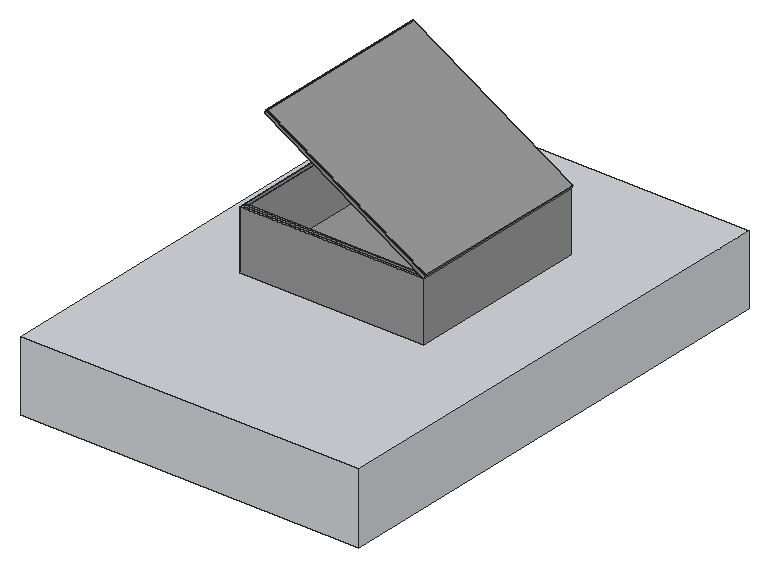
Revit family "Hager-Univers-IP55-D275-H800-Cl.I-Steel_encl-CH-it", category Equipement électrique, Revit 2020
Family settings
  Hôte = Face
  Configuration du panneau = Deux colonnes, circuits au sein
  Cote de connecteur circulaire = Utiliser le diamètre
  Type d'élément = Tableau de raccordement
  Couper avec des vides une fois chargée = Non
  Partagée = Non
  Point de calcul de pièce = Non
Parameters (values of type "A parete IP55 L800 A800 P275  - FR53E")
  Width Control [instance] = if([EF000008 - Larghezza] > Min Width, [EF000008 - Larghezza], Min Width)  # 800 mm
  Commentaires du type = [HG000003 - Gamma]  # "Univers"
  Thickness Door [instance] = if([EF009171 - spessore materiale porta/coperchio] > 3 mm, 3 mm, [EF009171 - spessore materiale porta/coperchio])  # 1.5 mm
  Seal Frame Offset [instance] = 17 mm  # constant formula
  Plinth Visibility [instance] = [HG000027 - Altezza dello zoccolo] > 0 mm  # no
  Model = ""
  Min Width [instance] = 100 mm  # constant formula
  Min Height [instance] = 100 mm  # constant formula
  Min Depth [instance] = (2 * [EF009170 - spessore materiale scatola]) + 1 mm  # 4 mm
  Internal Frame Depth [instance] = (Door System Depth * 0.5)  # 9 mm
  Height Control [instance] = if([EF000040 - Altezza] > Min Height, [EF000040 - Altezza], Min Height)  # 800 mm
  HG000027 - Altezza dello zoccolo = 0 mm
  HG000026 - A pavimento = no
  HG000024 - Altezza della sezione inferiore = 800 mm
  HG000023 - Custodia a doppia sezione = no
  HG000016 - Visibilità delle porte nella vista 3D [instance] = yes
  HG000015 - Visibilità attraverso la porta [instance] = no
  HG000014 - Porta destra [instance] = yes
  HG000013 - Porta sinistra [instance] = not([HG000014 - Porta destra])  # no
  HG000012 - Angolo di apertura della porta [instance] = 30.00°
  HG000010 - Porte asimmetriche = no
  HG000009 - Porta doppia a battente = no
  HG000006 - Ad incasso = no
  HG000004 - Codice produttore = "FR53E"
  HG000003 - Gamma = "Univers"
  HG000002 - Con porta = yes
  Frame Offset Bottom [instance] = 10 mm  # constant formula
  Frame Offset [instance] = 15 mm  # constant formula
  EF015940 - Coprire con rilascio di sovrapressione = no
  EF011959 - tipo di protezione (NEMA) = ""
  EF009554 - numero delle aperture per la piastra della flangia = 6
  Fabricant = "Hager"  # constant formula
  EF009212 - esecuzione coperchio = "EV000116 - chiuso"
  EF009171 - spessore materiale porta/coperchio = 1.5 mm
  EF009170 - spessore materiale scatola = 1.5 mm
  EF008873 - corrente nominale (In) = 800 A
  EF007800 - adatto per parafulmine = no
  EF006306 - con serratura = no
  EF006244 - coperchio/porta trasparente = no
  EF005474 - grado di protezione (IP) = "EV006420 - IP55"
  EF004464 - tipo di porta = "EV002646 - singolo"
  EF004427 - numero di moduli = 180
  EF004293 - resistenza agli urti = "EV008784 - IK10"
  EF003532 - adatto per uso esterno = no
  EF002950 - Numero moduli DIN = 24
  EF001613 - Integrità del circuito = "EV000494 - senza"
  EF001596 - Attacco Lampada = "EV000179 - acciaio"
  EF001131 - profondità interna = 275 mm
  EF001088 - possibilità di applicazione = yes
  EF000437 - numero di ingressi per conduttori = 6
  EF000339 - tipo di copertura = "EV004216 - porta"
  EF000266 - numero di file = 5
  EF000218 - profondità di incasso = 0 mm
  EF000118 - con piastra di montaggio = no
  EF000116 - numero RAL = "7035"
  EF000049 - profondità = 275 mm
  EF000040 - Altezza = 800 mm
  EF000008 - Larghezza = 800 mm
  EF000007 - colore = "EV000270 - grigio"
  EF000003 - Tipo di montaggio = "EV000384 - A parete"
  Door System Leaf Tolerance [instance] = 1.5 mm  # constant formula
  Door System Depth [instance] = 18 mm  # constant formula
  Door Height [instance] = Height Control - [HG000027 - Altezza dello zoccolo]  # 800 mm
  Depth Control [instance] = if([EF000049 - profondità] > Min Depth, [EF000049 - profondità], Min Depth)  # 275 mm
  Default Elevation = 0 mm
  Connector Offset [instance] = Height Control / 2  # 400 mm
  Bottom Top Plate Trim [instance] = 1.5 mm  # constant formula
  Plinth height Ctrl [instance] = if([HG000027 - Altezza dello zoccolo] > 0 mm, [HG000027 - Altezza dello zoccolo], 12 mm)  # 12 mm
Types (5, lengths in mm): name | Width Control | HG000010 - Porte asimmetriche | HG000009 - Porta doppia a battente | HG000004 - Codice produttore | EF009554 - numero delle aperture per la piastra della flangia | EF004464 - tipo di porta | EF004427 - numero di moduli | EF000437 - numero di ingressi per conduttori | EF000008 - Larghezza
  A parete IP55 L1050 A800 P275  - FR54E | 1050 | no | yes | "FR54E" | 8 | "EV003602 - doppio" | 240 | 8 | 1050
  A parete IP55 L1300 A800 P275  - FR55E | 1300 | yes | yes | "FR55E" | 10 | "EV003602 - doppio" | 300 | 10 | 1300
  A parete IP55 L300 A800 P275  - FR51E | 300 | no | no | "FR51E" | 2 | "EV002646 - singolo" | 60 | 2 | 300
  A parete IP55 L550 A800 P275  - FR52E | 550 | no | no | "FR52E" | 4 | "EV002646 - singolo" | 120 | 4 | 550
  A parete IP55 L800 A800 P275  - FR53E | 800 | no | no | "FR53E" | 6 | "EV002646 - singolo" | 180 | 6 | 800
Reference planes
  plane 1 "Center (Front/Back)": y = 0
  plane 2: z = 0
  plane 3 "Center (Left/Right)": x = 0
  plane 4: z = 275
  plane 5: y = 1.5
  plane 6: y = 400
  plane 7: y = 0
  plane 8: y = 800
  plane 9: z = 0
  plane 10: x = -385
  plane 11: x = 385
  plane 12: x = 383.5
  plane 13: x = -383.5
  plane 14: y = 798.5
  plane 15: x = -383
  plane 16: x = -400
  plane 17: x = 383
  plane 18: x = 400
  plane 19: x = 398.5
  plane 20: x = -398.5
  plane 21: y = 11.5
  plane 22: y = 800
  plane 23: y = 783.5
  plane 24: z = 257
  plane 25: z = 1.5
  plane 26: z = 255.5
  plane 27: z = 273.5
Forms (mm)
  Extrusion 1, solid
    sketch origin (0, 0, 0) x (1, 0, 0) y (0, 1, 0)
      loop
        line (-702.964, 1305) -> (-702.964, -811.445) -> (766.763, -811.445) -> (766.763, 1305) -> (-702.964, 1305)
    from 0 to -304.8
  Extrusion 2, solid, material "Hager_Steel_RAL7035_Light_Grey", visible <- "Plinth Visibility", detail levels medium+fine
    sketch origin (0, 0, 0) x (1, 0, 0) y (0, 1, 0)
      loop
        line (-400, 0) -> (400, 0) -> (400, 12) -> (-400, 12) -> (-400, 0)
    from 0 to 257
  Extrusion 3, solid, material "Hager_Steel_RAL7035_Light_Grey", detail levels medium+fine
    sketch origin (0, 0, 0) x (1, 0, 0) y (0, 1, 0)
      loop
        line (-400, 0) -> (400, 0) -> (400, 800) -> (-400, 800) -> (-400, 0)
    from 0 to 257
  Extrusion 4, void
    sketch origin (0, 0, 0) x (1, 0, 0) y (0, 1, 0)
      loop
        line (-398.5, 1.5) -> (398.5, 1.5) -> (398.5, 798.5) -> (-398.5, 798.5) -> (-398.5, 1.5)
    from 1.5 to 255.5
  Extrusion 5, void
    sketch origin (-381.607, -4572, 257) x (0, -1, 0) y (-1, 0, 0)
      loop
        line (-4583.5, 1.893) -> (-5355.5, 1.893) -> (-5355.5, -765.107) -> (-4583.5, -765.107) -> (-4583.5, 1.893)
    from 0 to 1.5 <- "EF009170 - spessore materiale scatola"
  Extrusion 6, solid, material "Hager_Steel_RAL7035_Light_Grey", detail levels fine
    sketch origin (0, 0, 257) x (1, 0, 0) y (0, 1, 0)
      loop
        line (-383.5, 783.5) -> (-383.5, 11.5) -> (383.5, 11.5) -> (383.5, 783.5) -> (-383.5, 783.5)
      loop
        line (-385, 10) -> (385, 10) -> (385, 785) -> (-385, 785) -> (-385, 10)
    from 0 to 9 <- "Internal Frame Depth"
  Extrusion 7, solid, material "Hager_Steel_RAL7035_Light_Grey", detail levels coarse
    sketch origin (0, 0, 0) x (1, 0, 0) y (0, 1, 0)
      loop
        line (-400, 0) -> (400, 0) -> (400, 800) -> (-400, 800) -> (-400, 0)
    from 0 to 275
  Sweep 8, void
    path in 3D
      loop
        line (-400, 12, 0) -> (400, 12, 0) -> (400, 12, 257) -> (-400, 12, 257) -> (-400, 12, 0)
    profile origin (-400, 12, 128.5) x (-1, 0, 0) y (0, -1, 0)
      loop
        line (0, 0) -> (0, 1.5) -> (-1.5, 1.5)
        arc (-1.5, 1.5) -> (-1.061, 0.439) -> (0, 0) r 1.5
Cuts and joins
  Extrusion 4, Extrusion 5 cuts Extrusion 3
  Sweep 8 cuts Extrusion 2
Lines and regions (mm)
  Masking region 1
    outline origin (0, 0, 0) x (1, 0, 0) y (0, 0, 1)
      loop
        line (-400, 275) -> (-400, 0) -> (400, 0) -> (400, 275) -> (-400, 275)
  Masking region 2, detail levels medium+fine
    outline origin (0, 140, 0) x (0, 1, 0) y (0, 0, 1)
      loop
        line (-140, 0) -> (660, 0) -> (660, 257) -> (-140, 257) -> (-140, 0)
  Masking region 3, not visible, detail levels medium+fine
    outline origin (0, 297.922, 0) x (0, 1, 0) y (0, 0, 1)
      loop
        line (113.578, 0) -> (153.578, 0) -> (153.578, 263.5)
        arc (153.578, 263.5) -> (150.649, 270.571) -> (143.578, 273.5) r 10
        line (143.578, 273.5) -> (113.578, 273.5) -> (113.578, 0)
  Masking region 4, detail levels coarse
    outline origin (0, 0, 180) x (0, 1, 0) y (0, 0, 1)
      loop
        line (0, -180) -> (800, -180) -> (800, 95) -> (0, 95) -> (0, -180)
  Masking region 5, visible <- "Plinth Visibility", detail levels medium+fine
    outline origin (0, 52.24, 12.345) x (0, 0, -1) y (0, 1, 0)
      loop
        line (10.845, -40.24) -> (-243.155, -40.24)
        arc (-243.155, -40.24) -> (-243.594, -41.301) -> (-244.655, -41.74) r 1.5
        line (-244.655, -41.74) -> (-244.655, -52.24) -> (12.345, -52.24) -> (12.345, -41.74)
        arc (12.345, -41.74) -> (11.285, -41.301) -> (10.845, -40.24) r 1.5
  Masking region 6, detail levels medium+fine
    outline origin (-381.607, -4572, 257) x (-1, 0, 0) y (0, -1, 0)
      loop
        line (18.393, -5372) -> (18.393, -4572) -> (-781.607, -4572) -> (-781.607, -5372) -> (18.393, -5372)
  Masking region 7, visible <- "Plinth Visibility", detail levels medium+fine
    outline origin (-381.607, -4727, 257) x (-1, 0, 0) y (0, -1, 0)
      loop
        arc (16.893, -4739) -> (17.332, -4737.939) -> (18.393, -4737.5) r 1.5
        line (18.393, -4737.5) -> (18.393, -4727) -> (-781.607, -4727) -> (-781.607, -4737.5)
        arc (-781.607, -4737.5) -> (-780.546, -4737.939) -> (-780.107, -4739) r 1.5
        line (-780.107, -4739) -> (16.893, -4739)
  Masking region 8, detail levels coarse
    outline origin (-442.548, -4669.526, 257) x (-1, 0, 0) y (0, -1, 0)
      loop
        line (-42.548, -5469.526) -> (-42.548, -4669.526) -> (-842.548, -4669.526) -> (-842.548, -5469.526) -> (-42.548, -5469.526)
  sketch lines
    curve 1: line (-400, 12, 257) -> (-400, 12, 0)
    curve 2: line (400, 12, 257) -> (-400, 12, 257)
    curve 3: line (400, 12, 257) -> (400, 12, 0)
    curve 4: line (-400, 12, 0) -> (400, 12, 0)
Dimensions and locks
  "Depth Control": plane 4 to Extrusion 1
  "HG000027 - Altezza dello zoccolo": plane 1 "Center (Front/Back)" to plane 7
  "EF009170 - spessore materiale scatola": plane 5 to plane 7
  locked: connector elem to plane 3 "Center (Left/Right)"
  equal spacing: plane 8, plane 6, plane 7
  locked: connector elem to plane 6
  "EF009170 - spessore materiale scatola": plane 8 to plane 14
  "EF009170 - spessore materiale scatola": plane 10 to plane 13
  "EF009170 - spessore materiale scatola": plane 12 to plane 11
  "Frame Offset": plane 20 to plane 13
  "Frame Offset": plane 12 to plane 19
  "EF009170 - spessore materiale scatola": plane 16 to plane 20
  "EF009170 - spessore materiale scatola": plane 19 to plane 18
  "Seal Frame Offset": plane 16 to plane 15
  "Seal Frame Offset": plane 17 to plane 18
  "Frame Offset Bottom": plane 21 to plane 5
  "Frame Offset": plane 14 to plane 23
  equal spacing: plane 16, plane 3 "Center (Left/Right)", plane 18
  "Width Control": plane 16 to plane 18
  "EF009170 - spessore materiale scatola": plane 4 to plane 27
  "EF009170 - spessore materiale scatola": plane 24 to plane 26
  "EF009170 - spessore materiale scatola": plane 25 to level
  "Door System Depth": plane 4 to plane 24
  "Height Control": plane 1 "Center (Front/Back)" to Extrusion 7 sketch curve
  "Height Control": Masking region 4 sketch curve to plane 1 "Center (Front/Back)"
  "Height Control": plane 1 "Center (Front/Back)" to plane 22
  "Bottom Top Plate Trim": profile plane to Sweep 8 sketch curve
  "Bottom Top Plate Trim": Sweep 8 sketch curve to profile plane
  "Plinth height Ctrl": plane 1 "Center (Front/Back)" to Extrusion 2 sketch curve
  "Plinth height Ctrl": Masking region 5 sketch curve to plane 1 "Center (Front/Back)"
  "Plinth height Ctrl": plane 1 "Center (Front/Back)" to Masking region 7 sketch curve
  "Thickness Door": Extrusion 6 sketch curve to Extrusion 6 sketch curve  (x3)
  "Thickness Door": cut or joined group of Extrusion 3, Extrusion 4, Extrusion 5 to Extrusion 6 sketch curve
  radius of Masking region 3 sketch curve = 10 mm
  "Bottom Top Plate Trim": radius of Masking region 5 sketch curve  (x2)
  "Bottom Top Plate Trim": radius of Sweep 8 sketch curve
  "Bottom Top Plate Trim": radius of Masking region 7 sketch curve  (x2)
  aligned and locked: plane 2 to Extrusion 1
  aligned and locked: level to Extrusion 1
  aligned and locked: level to Masking region 1 sketch curve
  aligned and locked: Masking region 1 sketch curve to plane 18
  aligned and locked: Masking region 1 sketch curve to plane 16
  aligned and locked: plane 7 to Masking region 2 sketch curve
  aligned and locked: level to Masking region 3 sketch curve
  aligned and locked: Masking region 3 sketch curve to plane 27
  aligned and locked: level to Masking region 2 sketch curve
  aligned and locked: plane 1 "Center (Front/Back)" to Extrusion 2 sketch curve
  aligned and locked: Extrusion 3 sketch curve to plane 7
  aligned and locked: plane 16 to Extrusion 3 sketch curve
  aligned and locked: plane 18 to Extrusion 3 sketch curve
  aligned and locked: plane 20 to Extrusion 4 sketch curve
  aligned and locked: plane 19 to Extrusion 4 sketch curve
  aligned and locked: Extrusion 4 sketch curve to plane 5
  aligned and locked: Extrusion 4 to plane 25
  aligned and locked: plane 26 to Extrusion 4
  aligned and locked: plane 24 to Extrusion 3
  aligned and locked: Extrusion 5 sketch curve to plane 21
  aligned and locked: Extrusion 5 sketch curve to plane 13
  aligned and locked: Extrusion 5 sketch curve to plane 12
  aligned and locked: plane 18 to Extrusion 7 sketch curve
  aligned and locked: plane 1 "Center (Front/Back)" to Extrusion 7 sketch curve
  aligned and locked: plane 16 to Extrusion 7 sketch curve
  aligned and locked: plane 4 to Extrusion 7
  aligned and locked: Extrusion 7 to level
  aligned and locked: level to Masking region 4 sketch curve
  aligned and locked: Masking region 4 sketch curve to plane 1 "Center (Front/Back)"
  aligned and locked: Masking region 4 sketch curve to plane 4
  aligned and locked: nested 1 to level
  aligned and locked: nested 1 to plane 16
  aligned and locked: plane 8 to Extrusion 3 sketch curve
  aligned and locked: plane 23 to Extrusion 5 sketch curve
  aligned and locked: plane 14 to Extrusion 4 sketch curve
  aligned and locked: Masking region 2 sketch curve to plane 8
  aligned and locked: level to Masking region 5 sketch curve
  aligned and locked: plane 16 to Extrusion 2 sketch curve
  aligned and locked: plane 18 to Extrusion 2 sketch curve
  aligned and locked: Masking region 5 sketch curve to plane 24
  aligned and locked: Masking region 2 sketch curve to plane 24
  aligned and locked: plane 24 to Extrusion 2
  aligned and locked: profile plane to Sweep 8 sketch curve  (x2)
  aligned and locked: Masking region 6 sketch curve to plane 18
  aligned and locked: Masking region 6 sketch curve to plane 22
  aligned and locked: Masking region 6 sketch curve to plane 16
  aligned and locked: plane 8 to plane 22
  aligned and locked: Masking region 6 sketch curve to plane 7
  aligned and locked: Masking region 7 sketch curve to plane 16
  aligned and locked: Masking region 7 sketch curve to plane 1 "Center (Front/Back)"
  aligned and locked: Masking region 7 sketch curve to plane 18
  aligned and locked: Masking region 8 sketch curve to plane 1 "Center (Front/Back)"
  aligned and locked: Masking region 8 sketch curve to plane 18
  aligned and locked: Masking region 8 sketch curve to plane 22
  aligned and locked: Masking region 8 sketch curve to plane 16
  aligned and locked: nested 2 to plane 7
  aligned and locked: plane 3 "Center (Left/Right)" to nested 2
  aligned and locked: nested 2 to plane 24
  aligned and locked: Extrusion 6 sketch curve to cut or joined group of Extrusion 3, Extrusion 4, Extrusion 5  (x4)
Automatic sketch dimensions
  Extrusion 1 sketch curve to Extrusion 1 sketch curve = 1469.727 mm
  Extrusion 1 sketch curve to Extrusion 1 sketch curve = 2116.445 mm
  Masking region 1 sketch curve to plane 4 = 0 mm
  plane 6 to Masking region 3 sketch curve = 11.5 mm
  Masking region 3 sketch curve to Masking region 3 sketch curve = 30 mm
  Masking region 5 sketch curve to plane 1 "Center (Front/Back)" = 0 mm
Nested families
  nested 1: "Hager_Enclosure_Symbol" at (-400, 0, 0) x (1, 0, 0) z (0, -1, 0), Height <- "Depth Control", Width <- "Width Control", type "Hager_Enclosure_Symbol"
    with Width_Ctrl 800 mm, Width 800 mm, Height_Ctrl 275 mm, Height 275 mm, A_Width_Int 18.047 mm, A_Width 216.562 mm, A_Height_Ctrl 240.625 mm, A_Height 240.625 mm
  nested 2: "EC000058_Univers_Door" at (0, 0, 257) x (1, 0, 0) z (0, 1, 0), Leaf_Tolerance <- "Door System Leaf Tolerance", Angle <- "HG000012 - Angolo di apertura della porta", Door_Depth <- "Door System Depth", Door_Left <- "HG000013 - Porta sinistra", Transparent <- "EF006244 - coperchio/porta trasparente", Assymetrical <- "HG000010 - Porte asimmetriche", Width <- "Width Control", Clearance <- "HG000015 - Visibilità attraverso la porta", Double <- "HG000009 - Porta doppia a battente", 3d_Door <- "HG000016 - Visibilità delle porte nella vista 3D", Lock_Visibility <- "EF006306 - con serratura", Width_Ctrl <- "Width Control", Door_Right <- "HG000014 - Porta destra", Door <- "HG000002 - Con porta", Height <- "Door Height", Thickness <- "Thickness Door", type "EC000058_Univers_Door", detail levels medium+fine
    with min_wh 4 mm, Width_Ctrl 800 mm, Width 800 mm, Transparent no, Thickness 1.5 mm, Seal_Material Hager_Rubber, Lock_Visibility no, Lock_Material Hager_Plastic_RAL9005_Jet_Black, Leaf_Width 800 mm, Leaf_Tolerance_External_Sides 0 mm, Leaf_Tolerance 1.5 mm, Leaf_Offset 0 mm, Leaf_Height 797 mm, Leaf_2_Width 800 mm, Leaf_2_Offset 400 mm, Leaf_1_Width 800 mm, Leaf_1_Offset 400 mm, Height_Ctrl 800 mm, Height 800 mm, Glass_Material Hager_Glass, Double_Clearance_Ctrl no, Double no, Door_Right_Ctrl yes, Door_Right yes, Door_Material Hager_Steel_RAL7035_Light_Grey, Door_Left_Ctrl no, Door_Left no, Door_Depth 18 mm, Door yes, Clearance_Material Hager_Clearance, Clearance_Depth 800 mm, Clearance_Ctrl no, Clearance no, Assymetrical no, Angle 30.00°, 3d_Door yes
Connectors
  electrical at (0, 400, 0)
    settings: on plane 9, index 1, voltage 0 V, apparent load 0 VA, apparent load phase1 0 VA, apparent load phase2 0 VA, apparent load phase3 0 VA, power factor 1, load classification "Other", number of poles 1, system type 30, power factor state 1, is connector primary yes, connector utility no, sub classification motor no, connector description ""
Definition of nested family "EC000058_Univers_Door"
  Parameters (values of type "EC000058_Univers_Door")
    min_wh [instance] = (2 * Thickness) + 1 mm  # 11 mm
    Width_Ctrl [instance] = 400 mm
    Width [instance] = 500 mm
    Transparent [instance] = yes
    Thickness [instance] = 5 mm
    Seal_Material [instance] = none
    Lock_Visibility [instance] = yes
    Lock_Material [instance] = none
    Leaf_Width [instance] = if((Width_Ctrl - 2 * Leaf_Tolerance_External_Sides) > 0 mm, (Width_Ctrl - 2 * Leaf_Tolerance_External_Sides), min_wh)  # 400 mm
    Leaf_Tolerance_External_Sides [instance] = 0 mm  # constant formula
    Leaf_Tolerance [instance] = 1.5 mm
    Leaf_Offset [instance] = 0 mm  # constant formula
    Leaf_Height [instance] = if((Height_Ctrl - 2 * Leaf_Tolerance) > 0 mm, (Height_Ctrl - 2 * Leaf_Tolerance), min_wh)  # 497 mm
    Leaf_2_Width [instance] = if(and(and(Double, Assymetrical), Door_Left), (Leaf_Width / 3) - (Leaf_Tolerance / 2), if(and(and(Double, Assymetrical), Door_Right), (Leaf_Width / 3) * 2 - (Leaf_Tolerance / 2), if(and(Double, not(Assymetrical)), (Leaf_Width / 2) - Leaf_Tolerance, Leaf_Width)))  # 400 mm
    Leaf_2_Offset [instance] = if(and(Double, Assymetrical), Leaf_2_Width / 2, if(and(Double, not(Assymetrical)), Leaf_Width / 4, Leaf_Width / 2))  # 200 mm
    Leaf_1_Width [instance] = if(and(and(Double, Assymetrical), Door_Right), (Leaf_Width / 3) - (Leaf_Tolerance / 2), if(and(and(Double, Assymetrical), Door_Left), (Width / 3) * 2 - (Leaf_Tolerance / 2), if(and(Double, not(Assymetrical)), (Leaf_Width / 2) - Leaf_Tolerance, Leaf_Width)))  # 400 mm
    Leaf_1_Offset [instance] = if(and(Double, Assymetrical), Leaf_1_Width / 2, if(and(Double, not(Assymetrical)), Leaf_Width / 4, Leaf_Width / 2))  # 200 mm
    Height_Ctrl [instance] = if(Height > min_wh, Height, min_wh)  # 500 mm
    Height [instance] = 500 mm
    Glass_Material [instance] = none
    Double_Clearance_Ctrl [instance] = and(Double, Clearance)  # no
    Double [instance] = no
    Door_Right_Ctrl [instance] = and(or(Door_Right, Double), Door)  # yes
    Door_Right [instance] = yes
    Door_Material [instance] = none
    Door_Left_Ctrl [instance] = and(or(Door_Left, Double), Door)  # no
    Door_Left [instance] = no
    Door_Depth [instance] = 30 mm
    Door [instance] = yes
    Default Elevation = 1219.2 mm
    Clearance_Material [instance] = none
    Clearance_Depth [instance] = if(Leaf_1_Width > Leaf_2_Width, Leaf_1_Width, Leaf_2_Width)  # 400 mm
    Clearance_Ctrl [instance] = and(not(Double), Clearance)  # yes
    Clearance [instance] = yes
    Assymetrical [instance] = yes
    Angle [instance] = 30.00°
    3d_Door [instance] = yes
  Reference planes
    plane 1 "Center (Front/Back)": y = 0
    plane 2 "Bottom": z = 0
    plane 3 "Center (Left/Right)": x = 0
    plane 4: z = 500
    plane 5: x = -200
    plane 6: x = 200
    plane 7: z = 500
    plane 8: x = -200
    plane 9: z = 0
    plane 10: x = 200
    plane 11: y = 0
    plane 12: z = 1.5
    plane 13: x = -600
    plane 14: y = -400
    plane 15: x = 600
    plane 16: x = 0
    plane 17: x = 0
    plane 18: x = -200
    plane 19: x = 200
    plane 20: z = 498.5
  Forms (mm)
    Extrusion 1, solid, material <- "Clearance_Material", visible <- "Double_Clearance_Ctrl"
      sketch origin (1200, 0, 0) x (1, 0, 0) y (0, 0, -1)
        loop
          line (-1800, -498.5) -> (-600, -498.5) -> (-600, 0) -> (-1800, 0) -> (-1800, -498.5)
      from 0 to -400
  Dimensions and locks
    equal spacing: plane 5, plane 3 "Center (Left/Right)", plane 6
    "Width_Ctrl": plane 5 to plane 6
    "Leaf_Offset": plane 5 to plane 8
    "Leaf_Offset": plane 6 to plane 10
    "Leaf_Offset": plane 9 to level
    "Leaf_Offset": plane 4 to plane 7
    "Height_Ctrl": plane 4 to level
    "Leaf_Tolerance": plane 12 to plane 9
    locked: plane 11 to plane 1 "Center (Front/Back)"
    "Leaf_1_Offset": plane 18 to plane 16
    "Leaf_2_Offset": plane 17 to plane 19
    "Leaf_1_Width": plane 13 to plane 8
    "Leaf_2_Width": plane 10 to plane 15
    "Clearance_Depth": plane 14 to plane 1 "Center (Front/Back)"
    "Leaf_Tolerance_External_Sides": plane 8 to plane 18
    "Leaf_Tolerance_External_Sides": plane 19 to plane 10
    "Leaf_Tolerance": plane 7 to plane 20
    aligned and locked: level to plane 2 "Bottom"
    aligned and locked: nested 1 to plane 16
    aligned and locked: nested 2 to plane 17
    aligned and locked: Extrusion 1 to plane 13
    aligned and locked: plane 15 to Extrusion 1
    aligned and locked: Extrusion 1 to plane 14
    aligned and locked: plane 12 to nested 1
    aligned and locked: nested 2 to plane 12
    aligned and locked: Extrusion 1 to plane 11
    aligned and locked: plane 20 to Extrusion 1
    aligned and locked: nested 2 to plane 11
    aligned and locked: nested 1 to plane 11
  Automatic sketch dimensions
    Extrusion 1 sketch curve to level = 0 mm
    plane 5 to Extrusion 1 sketch curve = 400 mm
    plane 6 to Extrusion 1 sketch curve = 400 mm
    Extrusion 1 sketch curve to plane 4 = 1.5 mm
  Nested families
    nested 1: "EC000058_Univers_Door_Leaf" at (0, 0, 1.5), Width <- "Leaf_1_Width", visible <- "Door_Left_Ctrl", Leaf_Height <- "Leaf_Height", Angle <- "Angle", 3d_Door <- "3d_Door", Transparent <- "Transparent", Clearance Material <- "Clearance_Material", Clearance <- "Clearance_Ctrl", Door_Material <- "Door_Material", Glass_Material <- "Glass_Material", Door_Depth <- "Door_Depth", Lock_Material <- "Lock_Material", Seal_Material <- "Seal_Material", Lock_Visibility <- "Lock_Visibility", Thickness <- "Thickness", type "EC000058_Univers_Door_Leaf"
      with Width 400 mm, Transparent_Glass_Offset 30 mm, Transparent_Ctrl yes, Transparent yes, Thickness 5 mm, Standard no, Seal_Material none, Seal_D2 8 mm, Seal_D1 1 mm, Offset_Internal_Frame 10 mm, Lock_Width 20 mm, Lock_Visibility_3d yes, Lock_Visibility yes, Lock_Thickness_3 3 mm, Lock_Thickness_2 1 mm, Lock_Thickness_1 3 mm, Lock_Radius_Offset_2 16 mm, Lock_Radius_Offset_1 15 mm, Lock_Radius_2 5 mm, Lock_Radius 6 mm, Lock_Offset 5 mm, Lock_Material none, Lock_Height 80 mm, Lock_Cover_Top_Offset_2d 17 mm, Lock_Cover_Height -65 mm, Leaf_Height 497 mm, Internal_Seal_Thickness 8 mm, Internal_Seal_Depth_2 4.5 mm, Internal_Frame_Depth 25 mm, Glass_Thickness -1 mm, Glass_Offset -2 mm, Glass_Material none, Door_Material none, Door_Depth 30 mm, Clearance Material none, Clearance yes, Angle_Ctrl 30.00°, Angle 30.00°, 3d_Door yes
    nested 2: "EC000058_Univers_Door_Leaf" at (0, 0, 1.5) x (-1, 0, 0) z (0, 0, 1), Width <- "Leaf_2_Width", visible <- "Door_Right_Ctrl", Leaf_Height <- "Leaf_Height", Angle <- "Angle", 3d_Door <- "3d_Door", Transparent <- "Transparent", Clearance Material <- "Clearance_Material", Clearance <- "Clearance_Ctrl", Door_Material <- "Door_Material", Glass_Material <- "Glass_Material", Door_Depth <- "Door_Depth", Lock_Material <- "Lock_Material", Seal_Material <- "Seal_Material", Lock_Visibility <- "Lock_Visibility", Thickness <- "Thickness", type "EC000058_Univers_Door_Leaf"
      with Width 400 mm, Transparent_Glass_Offset 30 mm, Transparent_Ctrl yes, Transparent yes, Thickness 5 mm, Standard no, Seal_Material none, Seal_D2 8 mm, Seal_D1 1 mm, Offset_Internal_Frame 10 mm, Lock_Width 20 mm, Lock_Visibility_3d yes, Lock_Visibility yes, Lock_Thickness_3 3 mm, Lock_Thickness_2 1 mm, Lock_Thickness_1 3 mm, Lock_Radius_Offset_2 16 mm, Lock_Radius_Offset_1 15 mm, Lock_Radius_2 5 mm, Lock_Radius 6 mm, Lock_Offset 5 mm, Lock_Material none, Lock_Height 80 mm, Lock_Cover_Top_Offset_2d 17 mm, Lock_Cover_Height -65 mm, Leaf_Height 497 mm, Internal_Seal_Thickness 8 mm, Internal_Seal_Depth_2 4.5 mm, Internal_Frame_Depth 25 mm, Glass_Thickness -1 mm, Glass_Offset -2 mm, Glass_Material none, Door_Material none, Door_Depth 30 mm, Clearance Material none, Clearance yes, Angle_Ctrl 30.00°, Angle 30.00°, 3d_Door yes
  Definition of nested family "EC000058_Univers_Door_Leaf"
    Parameters (values of type "EC000058_Univers_Door_Leaf")
      Width [instance] = 2000 mm
      Transparent_Glass_Offset [instance] = 30 mm
      Transparent_Ctrl [instance] = and(Transparent, [3d_Door])  # yes
      Transparent [instance] = yes
      Thickness [instance] = 5 mm
      Standard [instance] = and(not(Transparent), [3d_Door])  # no
      Seal_Material [instance] = none
      Seal_D2 [instance] = 8 mm  # constant formula
      Seal_D1 [instance] = 1 mm  # constant formula
      Offset_Internal_Frame [instance] = 10 mm  # constant formula
      Lock_Width [instance] = 20 mm  # constant formula
      Lock_Visibility_3d [instance] = and(Lock_Visibility, [3d_Door])  # yes
      Lock_Visibility [instance] = yes
      Lock_Thickness_3 [instance] = 3 mm  # constant formula
      Lock_Thickness_2 [instance] = 1 mm  # constant formula
      Lock_Thickness_1 [instance] = 3 mm  # constant formula
      Lock_Radius_Offset_2 [instance] = Lock_Radius_Offset_1 + 1 mm  # 16 mm
      Lock_Radius_Offset_1 [instance] = 15 mm  # constant formula
      Lock_Radius_2 [instance] = Lock_Radius - 1 mm  # 5 mm
      Lock_Radius [instance] = 6 mm  # constant formula
      Lock_Offset [instance] = 5 mm  # constant formula
      Lock_Material [instance] = none
      Lock_Height [instance] = 80 mm  # constant formula
      Lock_Cover_Top_Offset_2d [instance] = Lock_Radius_Offset_2 + 1 mm  # 17 mm
      Lock_Cover_Height [instance] = -(Lock_Height - Lock_Radius_Offset_1)  # -65 mm
      Leaf_Height [instance] = 2720.336 mm
      Internal_Seal_Thickness [instance] = 8 mm  # constant formula
      Internal_Seal_Depth_2 [instance] = 4.5 mm  # constant formula
      Internal_Frame_Depth [instance] = if(Door_Depth - Thickness > 5 mm, Door_Depth - Thickness, 5 mm)  # 25 mm
      Glass_Thickness [instance] = if(Thickness > 15 mm, Glass_Offset + 10 mm, -1 mm)  # -1 mm
      Glass_Offset [instance] = if(Thickness > 15 mm, -(Thickness + 10 mm) / 2, -2 mm)  # -2 mm
      Glass_Material [instance] = none
      Door_Material [instance] = none
      Door_Depth [instance] = 30 mm
      Default Elevation = 0 mm
      Clearance Material [instance] = none
      Clearance [instance] = yes
      Angle_Ctrl [instance] = if(Angle > 180.00°, 180.00°, Angle)  # 90.00°
      Angle [instance] = 90.00°
      3d_Door [instance] = yes
    Reference planes
      plane 1 "Center (Front/Back)": y = 0
      plane 2: z = 0
      plane 3 "Center (Left/Right)": x = 0
      plane 4: y = 2000
      plane 5: x = -1000
      plane 6: x = 1000
      plane 7: x = -3000
      plane 8: z = 2720.336
      plane 9: z = 30
      plane 10: z = 2690.336
      plane 11: x = 970
      plane 12: x = -970
      plane 13: y = -3
      plane 14: z = 107.833
      plane 15: y = -5
      plane 16: y = -223.314
      plane 17: x = -1000
      plane 18: z = 1360.168
      plane 19: y = 30
    Forms (mm)
      Extrusion 1, solid, material <- "Clearance Material", visible <- "Clearance"
        sketch origin (0, 0, 0) x (1, 0, 0) y (0, 0, 1)
          loop
            line (-3000, 2720.336) -> (-3000, 0) -> (1000, 0) -> (1000, 2720.336) -> (-3000, 2720.336)
        from 0 to -2000
      Extrusion 2, solid, material <- "Door_Material", visible <- "Standard", detail levels medium+fine
        sketch origin (-1000, 0, 0) x (0, 1, 0) y (-1, 0, 0)
          loop
            line (0, 30) -> (0, 25) -> (2000, 25) -> (2000, 30) -> (0, 30)
        from 0 to 2720.336 <- "Leaf_Height"
      Extrusion 3, solid, material <- "Door_Material", visible <- "Transparent_Ctrl", detail levels medium+fine
        sketch origin (-1000, 0, 0) x (0, 1, 0) y (-1, 0, 0)
          loop
            line (0, 25) -> (2000, 25) -> (2000, 30) -> (0, 30) -> (0, 25)
        from 0 to 2720.336 <- "Leaf_Height"
      Extrusion 4, void
        sketch origin (-1025, 2000, 0) x (0, 1, 0) y (0, 0, -1)
          loop
            line (-30, -2690.336) -> (-30, -30) -> (-1970, -30) -> (-1970, -2690.336) -> (-30, -2690.336)
        from 0 to 5 <- "Thickness"
      Sweep 5, solid, material <- "Seal_Material", visible <- "Transparent_Ctrl", detail levels fine
        path in 3D
          loop
            line (-1025, 30, 30) -> (-1025, 30, 2690.336) -> (-1025, 1970, 2690.336) -> (-1025, 1970, 30) -> (-1025, 30, 30)
        profile origin (-1025, 1000, 30) x (1, 0, 0) y (0, 0, 1)
          loop
            line (0, 0) -> (0, -8) -> (1, -8) -> (1, 0) -> (0, 0)
      Extrusion 6, solid, material <- "Glass_Material", visible <- "Transparent_Ctrl", detail levels medium+fine
        sketch origin (-1030, 0, 0) x (0, 1, 0) y (0, 0, -1)
          loop
            line (1970, -2690.336) -> (1970, -30) -> (30, -30) -> (30, -2690.336) -> (1970, -2690.336)
        from -2 <- "Glass_Offset" to -1 <- "Glass_Thickness"
      Extrusion 7, solid, material <- "Door_Material", visible <- "3d_Door", detail levels medium+fine
        sketch origin (-1025, 2000, 0) x (0, -1, 0) y (0, 0, -1)
          loop
            line (0, -2720.336) -> (2000, -2720.336) -> (2000, 0) -> (0, 0) -> (0, -2720.336)
          loop
            line (1995, -5) -> (5, -5) -> (5, -2715.336) -> (1995, -2715.336) -> (1995, -5)
        from 0 to 25 <- "Internal_Frame_Depth"
      Sweep 8, solid, material <- "Seal_Material", visible <- "Transparent_Ctrl", detail levels fine
        path in 3D
          loop
            line (-1025, 0, 0) -> (-1025, 2000, 0) -> (-1025, 2000, 2720.336) -> (-1025, 0, 2720.336) -> (-1025, 0, 0)
        profile origin (-1025, 0, 1360.168) x (1, 0, 0) y (0, 1, 0)
          loop
            line (0, 10) -> (2.975, 10)
            arc (2.975, 10) -> (4.053, 10.447) -> (4.5, 11.525) r 1.525
            line (4.5, 11.525) -> (4.5, 16.527)
            arc (4.5, 16.527) -> (4.069, 17.569) -> (3.027, 18) r 1.473
            line (3.027, 18) -> (0, 18) -> (0, 10)
      Extrusion 9, solid, material <- "Lock_Material", visible <- "Lock_Visibility_3d", detail levels fine
        sketch origin (-1030, 0, 0) x (0, 1, 0) y (0, 0, -1)
          loop
            arc (1993.5, -1400.168) -> (1994.561, -1399.729) -> (1995, -1398.668) r 1.5
            line (1995, -1398.668) -> (1995, -1320.168) -> (1975, -1320.168) -> (1975, -1398.668)
            arc (1975, -1398.668) -> (1975.439, -1399.729) -> (1976.5, -1400.168) r 1.5
            line (1976.5, -1400.168) -> (1993.5, -1400.168)
        from 3 <- "Lock_Thickness_1" to 0
      Blend 10, solid, material <- "Lock_Material", visible <- "Lock_Visibility_3d", detail levels fine
        base sketch origin (-1033, 0, 0) x (0, 1, 0) y (0, 0, -1)
          loop
            line (1975, -1320.168) -> (1975, -1398.668)
            arc (1975, -1398.668) -> (1975.439, -1399.729) -> (1976.5, -1400.168) r 1.5
            line (1976.5, -1400.168) -> (1993.5, -1400.168)
            arc (1993.5, -1400.168) -> (1994.561, -1399.729) -> (1995, -1398.668) r 1.5
            line (1995, -1398.668) -> (1995, -1320.168) -> (1975, -1320.168)
        top sketch origin (-1033, 0, 0) x (0, 1, 0) y (0, 0, -1)
          loop
            line (1976, -1320.168) -> (1976, -1398.668)
            arc (1976, -1398.668) -> (1976.146, -1399.022) -> (1976.5, -1399.168) r 0.5
            line (1976.5, -1399.168) -> (1993.5, -1399.168)
            arc (1993.5, -1399.168) -> (1993.854, -1399.022) -> (1994, -1398.668) r 0.5
            line (1994, -1398.668) -> (1994, -1320.168) -> (1976, -1320.168)
        from 0 to 1 <- "Lock_Thickness_2"
      Blend 11, solid, material <- "Lock_Material", visible <- "Lock_Visibility_3d", detail levels fine
        base sketch origin (-1034, 0, 0) x (0, 1, 0) y (0, 0, -1)
          loop
            line (1978, -1320.168) -> (1978, -1384.168)
            arc (1978, -1384.168) -> (1985, -1391.168) -> (1992, -1384.168) r 7
            line (1992, -1384.168) -> (1992, -1320.168) -> (1978, -1320.168)
        top sketch origin (-1034, 0, 0) x (0, 1, 0) y (0, 0, -1)
          loop
            line (1991, -1320.168) -> (1979, -1320.168) -> (1979, -1383.168)
            arc (1979, -1383.168) -> (1985, -1389.168) -> (1991, -1383.168) r 6
            line (1991, -1383.168) -> (1991, -1320.168)
        from 0 to 3 <- "Lock_Thickness_3"
      Extrusion 12, solid, material <- "Lock_Material", visible <- "Lock_Visibility_3d", detail levels fine
        sketch origin (-1030, 1975, 1320.168) x (1, 0, 0) y (0, -1, 0)
          loop
            line (-7, -19) -> (-7, -1) -> (0, -1) -> (0, 0) -> (-8, 0) -> (-8, -20) -> (0, -20) -> (0, -19) -> (-7, -19)
        from 0 to -65 <- "Lock_Cover_Height"
      Extrusion 13, void
        sketch origin (-1038, 1995, 1320.168) x (-1, 0, 0) y (0, 0, -1)
          loop
            line (-5, -65) -> (0, -65) -> (-5, -60) -> (-5, -65)
        from 0 to 20 <- "Lock_Width"
      Extrusion 14, void
        sketch origin (-1038, 1975, 1320.168) x (0, -1, 0) y (0, 0, -1)
          loop
            circle (-10, -15.995) r 6
          loop
            circle (-10, -15.995) r 5
        from 0 to 2
      Extrusion 15, solid, material <- "Lock_Material", visible <- "Lock_Visibility_3d", detail levels medium
        sketch origin (-1030, 0, 0) x (0, 1, 0) y (0, 0, -1)
          loop
            arc (1993.5, -1400.168) -> (1994.561, -1399.729) -> (1995, -1398.668) r 1.5
            line (1995, -1398.668) -> (1995, -1320.168) -> (1975, -1320.168) -> (1975, -1398.668)
            arc (1975, -1398.668) -> (1975.439, -1399.729) -> (1976.5, -1400.168) r 1.5
            line (1976.5, -1400.168) -> (1993.5, -1400.168)
        from 8 to 0
    Cuts and joins
      Extrusion 4 cuts Extrusion 3
      Extrusion 13, Extrusion 14 cuts Extrusion 9
      Extrusion 14 cuts Blend 11
      Extrusion 13, Extrusion 14 cuts Extrusion 12
      joined: Extrusion 9, Blend 10, Blend 11, Extrusion 12
      Extrusion 14 cuts Extrusion 15
    Lines and regions (mm)
      Masking region 1, visible <- "Lock_Visibility", detail levels fine
        outline origin (0, 0, 0) x (0, 1, 0) y (0, 0, 1)
          loop
            line (30, 1320.168) -> (33, 1320.168) -> (33, 1400.168) -> (30, 1400.168) -> (30, 1320.168)
      Masking region 2, visible <- "Lock_Visibility", detail levels fine
        outline origin (0, 3.143, 0) x (0, 1, 0) y (0, 0, 1)
          loop
            line (29.857, 1354.168) -> (30.857, 1354.168) -> (30.857, 1366.168) -> (29.857, 1366.168) -> (29.857, 1354.168)
      Masking region 3, detail levels medium+fine
        outline origin (0, 0, 0) x (0, 1, 0) y (0, 0, 1)
          loop
            line (0, 0) -> (30, 0) -> (30, 2720.336) -> (0, 2720.336) -> (0, 0)
      Masking region 4, detail levels medium+fine
        outline origin (0, 0, 0) x (1, 0, 0) y (0, 0, 1)
          loop
            line (-1000, 2720.336) -> (-1000, 0) -> (1000, 0) -> (1000, 2720.336) -> (-1000, 2720.336)
      Masking region 5, visible <- "Lock_Visibility", detail levels fine
        outline origin (-47.116, 0, 0) x (1, 0, 0) y (0, 0, 1)
          loop
            arc (1024.616, 1399.168) -> (1023.556, 1398.729) -> (1023.116, 1397.668) r 1.5
            line (1023.116, 1397.668) -> (1023.116, 1320.168) -> (1041.116, 1320.168) -> (1041.116, 1397.668)
            arc (1041.116, 1397.668) -> (1040.677, 1398.729) -> (1039.616, 1399.168) r 1.5
            line (1039.616, 1399.168) -> (1024.616, 1399.168)
      Masking region 6, visible <- "Lock_Visibility", detail levels medium+fine
        outline origin (-25, 0, 0) x (1, 0, 0) y (0, 0, 1)
          loop
            arc (1001.5, 1400.168) -> (1000.439, 1399.729) -> (1000, 1398.668) r 1.5
            line (1000, 1398.668) -> (1000, 1320.168) -> (1020, 1320.168) -> (1020, 1398.668)
            arc (1020, 1398.668) -> (1019.561, 1399.729) -> (1018.5, 1400.168) r 1.5
            line (1018.5, 1400.168) -> (1001.5, 1400.168)
      Masking region 7, visible <- "Lock_Visibility", detail levels fine
        outline origin (-73.735, 0, 0) x (1, 0, 0) y (0, 0, 1)
          loop
            line (1051.735, 1382.168) -> (1065.735, 1382.168) -> (1065.735, 1384.168)
            arc (1065.735, 1384.168) -> (1058.735, 1391.168) -> (1051.735, 1384.168) r 7
            line (1051.735, 1384.168) -> (1051.735, 1382.168)
      Masking region 8, visible <- "Lock_Visibility", detail levels fine
        outline origin (-73.735, 0, 0) x (1, 0, 0) y (0, 0, 1)
          loop
            line (1052.735, 1382.168) -> (1064.735, 1382.168) -> (1064.735, 1383.168)
            arc (1064.735, 1383.168) -> (1058.735, 1389.168) -> (1052.735, 1383.168) r 6
            line (1052.735, 1383.168) -> (1052.735, 1382.168)
      Masking region 9, visible <- "Lock_Visibility", detail levels fine
        outline origin (-25, 0, 0) x (1, 0, 0) y (0, 0, 1)
          loop
            line (1020, 1320.168) -> (1020, 1382.168) -> (1000, 1382.168) -> (1000, 1320.168) -> (1020, 1320.168)
      Masking region 10, detail levels medium+fine
        outline origin (0, 0, 0) x (1, 0, 0) y (0, 0, 1)
          loop
            circle (985, 1335.144) r 6
      Masking region 11, detail levels fine
        outline origin (0, 0, 0) x (1, 0, 0) y (0, 0, 1)
          loop
            circle (985, 1335.144) r 5
      Masking region 12, visible <- "Lock_Visibility", detail levels fine
        outline origin (0, 12.767, 0) x (0, 1, 0) y (0, 0, 1)
          loop
            line (20.233, 1320.168) -> (21.233, 1320.168) -> (21.233, 1399.168) -> (20.233, 1400.168) -> (20.233, 1320.168)
      Masking region 13, visible <- "Lock_Visibility", detail levels fine
        outline origin (0, 13.767, -10) x (0, 1, 0) y (0, 0, 1)
          loop
            line (20.233, 1330.168) -> (23.233, 1330.168) -> (23.233, 1399.168) -> (20.233, 1402.168) -> (20.233, 1330.168)
      Masking region 14, visible <- "Lock_Visibility", detail levels fine
        outline origin (0, 12.767, -10) x (0, 1, 0) y (0, 0, 1)
          loop
            line (20.233, 1330.168) -> (25.233, 1330.168) -> (25.233, 1399.305) -> (20.233, 1394.305) -> (20.233, 1330.168)
      Masking region 15, visible <- "Lock_Visibility", detail levels medium
        outline origin (0, 0, 0) x (0, 1, 0) y (0, 0, 1)
          loop
            line (30, 1320.168) -> (38, 1320.168) -> (38, 1400.168) -> (30, 1400.168) -> (30, 1320.168)
      Masking region 16, visible <- "Lock_Visibility", detail levels fine
        outline origin (-1000, 0, 0) x (0, 1, 0) y (-1, 0, 0)
          loop
            line (1975, 30) -> (1995, 30) -> (1995, 38) -> (1975, 38) -> (1975, 30)
          loop
            line (1979, 37) -> (1976, 37) -> (1976, 34) -> (1978, 34) -> (1979, 37)
          loop
            line (1994, 37) -> (1991, 37) -> (1992, 34) -> (1994, 34) -> (1994, 37)
      Masking region 17, visible <- "Lock_Visibility", detail levels medium
        outline origin (-1000, 0, 0) x (0, 1, 0) y (-1, 0, 0)
          loop
            line (1975, 30) -> (1995, 30) -> (1995, 38) -> (1975, 38) -> (1975, 30)
      symbolic lines
        curve 1: line (1000, 0, 0) -> (-3000, 0, 0)
        curve 2: arc (1000, 0, 0) -> (-1000, 2000, 0) -> (-3000, 0, 0) r 2000
        curve 4: line (-1030, 0, 0) -> (-1030, 2000, 0)
      reference lines
        curve 3: line (-1000, 0, 0) -> (-1000, 2000, 0)
      symbolic lines, detail levels medium+fine
        curve 5: line (-1030, 2000, 0) -> (-1025, 2000, 0)
        curve 7: line (-1025, 0, 0) -> (-1030, 0, 0)
        curve 8: line (-1025, 0, 0) -> (-1000, 0, 0)
        curve 9: line (-1000, 0, 0) -> (-1000, 2000, 0)
        curve 10: line (-1000, 2000, 0) -> (-1025, 2000, 0)
      symbolic lines, detail levels fine
        curve 6: line (-1025, 2000, 0) -> (-1025, 0, 0)
      sketch lines
        curve 11: line (-1025, 0, 2720.336) -> (-1025, 0, 0)
        curve 12: line (-1025, 2000, 0) -> (-1025, 0, 0)
        curve 13: line (-1025, 2000, 2720.336) -> (-1025, 2000, 0)
        curve 14: line (-1025, 0, 2720.336) -> (-1025, 2000, 2720.336)
        curve 15: line (-1025, 1970, 30) -> (-1025, 30, 30)
        curve 16: line (-1025, 30, 30) -> (-1025, 30, 2690.336)
        curve 17: line (-1025, 1970, 2690.336) -> (-1025, 1970, 30)
        curve 18: line (-1025, 30, 2690.336) -> (-1025, 1970, 2690.336)
      symbolic lines, visible <- "Transparent", detail levels medium+fine
        curve 19: line (-970, 0, 2690.336) -> (970, 0, 2690.336)
        curve 20: line (-970, 0, 30) -> (-970, 0, 2690.336)
        curve 21: line (970, 0, 30) -> (-970, 0, 30)
        curve 22: line (970, 0, 2690.336) -> (970, 0, 30)
    Dimensions and locks
      "Width": plane 1 "Center (Front/Back)" to plane 4
      equal spacing: plane 5, plane 3 "Center (Left/Right)", plane 6
      "Width": plane 5 to plane 6
      "Width": plane 7 to plane 5
      "Leaf_Height": plane 8 to level
      "Width": curve 5 to curve 3
      "Width": curve 3 to curve 3
      plane 8 to plane 10 = 30 mm
      plane 9 to level = 30 mm
      plane 12 to plane 5 = 30 mm
      plane 6 to plane 11 = 30 mm
      Extrusion 1 to Extrusion 4 sketch curve = 30 mm
      "Transparent_Glass_Offset": curve 3 to Extrusion 4 sketch curve
      "Transparent_Glass_Offset": Extrusion 4 sketch curve to cut or joined group of Extrusion 3, Extrusion 4  (x2)
      cut or joined group of Extrusion 3, Extrusion 4 to Extrusion 6 sketch curve = 30 mm
      "Transparent_Glass_Offset": cut or joined group of Extrusion 3, Extrusion 4 to Extrusion 4 sketch curve
      "Thickness": curve 6 to curve 4
      "Thickness": Extrusion 7 sketch curve to Extrusion 7 sketch curve  (x4)
      "Door_Depth": curve 4 to curve 3
      "Offset_Internal_Frame": profile plane to Sweep 8 sketch curve
      "Internal_Seal_Thickness": Sweep 8 sketch curve to Sweep 8 sketch curve
      "Internal_Seal_Depth_2": profile plane to Sweep 8 sketch curve
      "Seal_D1": profile plane to Sweep 5 sketch curve
      "Seal_D2": profile plane to Sweep 5 sketch curve
      "Thickness": Extrusion 2 sketch curve to Extrusion 2 sketch curve
      equal spacing: Extrusion 9 sketch curve, plane 18, Extrusion 9 sketch curve  (x2)
      equal spacing: Masking region 1 sketch curve, plane 18, Masking region 1 sketch curve
      "Lock_Height": Masking region 1 sketch curve to Masking region 1 sketch curve
      "Lock_Radius": Masking region 2 sketch curve to plane 18 to Masking region 2 sketch curve
      Masking region 2 sketch curve to Masking region 1 = 1 mm
      "Door_Depth": plane 19 to plane 1 "Center (Front/Back)"
      "Lock_Thickness_1": Masking region 1 sketch curve to plane 19
      "Lock_Width": Extrusion 9 sketch curve to Extrusion 9 sketch curve
      "Lock_Height": Extrusion 9 sketch curve to Extrusion 9 sketch curve
      "Lock_Offset": cut or joined group of Extrusion 3, Extrusion 4 to Extrusion 9 sketch curve
      equal spacing: plane 8, plane 18, level
      "Lock_Radius_Offset_1": Blend 11 sketch curve to Blend 10
      locked: Blend 10 to Blend 11 sketch curve at 2  (x2)
      locked: var sketch to Blend 11 sketch curve at 1  (x2)
      "Lock_Radius_Offset_2": Blend 11 sketch curve to Blend 10
      locked: Extrusion 12 sketch curve to Extrusion 12 sketch curve at 1  (x3)
      Masking region 6 sketch curve to Masking region 6 sketch curve = 80 mm
      "Lock_Height": Masking region 6 sketch curve to Masking region 6 sketch curve
      "Lock_Width": Masking region 6 sketch curve to Masking region 6 sketch curve
      locked: Masking region 6 to Masking region 5 sketch curve at 1  (x3)
      locked: Masking region 5 to Masking region 7 sketch curve at 2  (x2)
      "Lock_Radius_Offset_1": Masking region 5 to Masking region 7 sketch curve
      "Lock_Radius_Offset_2": Masking region 5 to Masking region 8 sketch curve
      locked: Masking region 7 to Masking region 8 sketch curve at 1  (x2)
      "Lock_Cover_Top_Offset_2d": Masking region 5 to Masking region 9 sketch curve
      equal spacing: Masking region 9, Masking region 10 sketch curve, Masking region 9
      equal spacing: Masking region 9, Masking region 11 sketch curve, Masking region 9
      Extrusion 15 sketch curve to Extrusion 15 sketch curve = 80 mm
      "Lock_Width": Extrusion 15 sketch curve to Extrusion 15 sketch curve
      "Lock_Height": Extrusion 15 sketch curve to Extrusion 15 sketch curve
      equal spacing: Extrusion 15 sketch curve, plane 18, Extrusion 15 sketch curve
      "Lock_Thickness_3": Masking region 13 sketch curve to Masking region 13 sketch curve
      "Lock_Height": Masking region 12 sketch curve to Masking region 12 sketch curve
      locked: Masking region 13 sketch curve to Masking region 1 at 8
      locked: Masking region 14 sketch curve to Masking region 13 at 1
      locked: Masking region 14 sketch curve to Masking region 1 at 10.863
      "Lock_Height": Masking region 15 sketch curve to Masking region 15 sketch curve
      "Lock_Offset": Extrusion 15 sketch curve to cut or joined group of Extrusion 3, Extrusion 4
      "Lock_Offset": plane 6 to Masking region 6 sketch curve
      radius of Sweep 8 sketch curve = 1.525 mm
      radius of Sweep 8 sketch curve = 1.473 mm
      radius of Extrusion 9 sketch curve = 1.5 mm  (x2)
      "Lock_Radius": radius of Extrusion 14 sketch curve
      "Lock_Radius_2": radius of Extrusion 14 sketch curve
      "Lock_Radius": radius of Masking region 10 sketch curve
      "Lock_Radius_2": radius of Masking region 11 sketch curve
      radius of Extrusion 15 sketch curve = 1.5 mm  (x2)
      "Angle_Ctrl": angle plane 1 "Center (Front/Back)" to curve 3
      locked: Masking region 12 sketch curve to Masking region 12 sketch curve (angle 45.00°)
      locked: Masking region 13 sketch curve to Masking region 13 sketch curve (angle 45.00°)
      locked: Masking region 14 sketch curve to Masking region 14 sketch curve (angle 45.00°)
      aligned and locked: level to plane 2
      aligned and locked: Extrusion 1 to curve 1
      aligned and locked: plane 6 to Extrusion 1
      aligned and locked: Extrusion 1 to plane 1 "Center (Front/Back)"
      aligned and locked: plane 4 to Extrusion 1
      aligned and locked: plane 8 to Extrusion 1
      aligned and locked: curve 7 to Extrusion 2 sketch curve
      aligned and locked: curve 5 to Extrusion 2 sketch curve
      aligned and locked: curve 7 to Extrusion 3 sketch curve
      aligned and locked: Extrusion 3 sketch curve to curve 4
      aligned and locked: Extrusion 3 sketch curve to curve 6
      aligned and locked: Extrusion 3 sketch curve to curve 5
      aligned and locked: curve 9 to curve 3
      aligned and locked: Extrusion 7 sketch curve to cut or joined group of Extrusion 3, Extrusion 4  (x4)
      aligned and locked: plane 17 to curve 3
      aligned and locked: plane 1 "Center (Front/Back)" to curve 3
      aligned and locked: plane 17 to plane 5
      aligned and locked: Sweep 8 sketch curve to profile plane
      aligned and locked: Sweep 5 sketch curve to profile plane  (x2)
      aligned and locked: Masking region 1 to Masking region 2 sketch curve
      aligned and locked: plane 19 to Masking region 1 sketch curve
      aligned and locked: plane 1 "Center (Front/Back)" to Masking region 3 sketch curve
      aligned and locked: plane 19 to Masking region 3 sketch curve
      aligned and locked: level to Masking region 3 sketch curve
      aligned and locked: Masking region 3 sketch curve to plane 8
      aligned and locked: plane 17 to Masking region 4 sketch curve
      aligned and locked: level to Masking region 4 sketch curve
      aligned and locked: Masking region 4 sketch curve to plane 8
      aligned and locked: plane 12 to curve 20
      aligned and locked: plane 10 to curve 19
      aligned and locked: plane 11 to curve 22
      aligned and locked: curve 21 to plane 9
      aligned and locked: Extrusion 2 sketch curve to cut or joined group of Extrusion 3, Extrusion 4
      aligned and locked: Blend 10 sketch curve to Extrusion 9  (x4)
      aligned and locked: Extrusion 9 to Blend 10 sketch curve
      aligned and locked: Blend 10 to Blend 11 sketch curve
      aligned and locked: Extrusion 12 sketch curve to Blend 11
      aligned and locked: Extrusion 12 sketch curve to Extrusion 9  (x4)
      aligned and locked: Masking region 5 sketch curve to Masking region 6
      aligned and locked: Masking region 9 sketch curve to Masking region 6  (x3)
      aligned and locked: Masking region 12 sketch curve to Masking region 1
      aligned and locked: Masking region 13 sketch curve to Masking region 1
      aligned and locked: Masking region 12 to Masking region 14
      aligned and locked: Masking region 14 sketch curve to Masking region 1
      aligned and locked: Masking region 15 sketch curve to Masking region 14
      aligned and locked: Masking region 13 sketch curve to Masking region 12
      aligned and locked: Masking region 16 sketch curve to cut or joined group of Extrusion 14, Extrusion 15  (x4)
      aligned and locked: Masking region 16 sketch curve to cut or joined group of Extrusion 9, Blend 10, Blend 11, Extrusion 12, Extrusion 13, Extrusion 14  (x6)
      aligned and locked: cut or joined group of Extrusion 9, Blend 10, Blend 11, Extrusion 12, Extrusion 13, Extrusion 14 to Masking region 16 sketch curve
      aligned and locked: Masking region 17 sketch curve to cut or joined group of Extrusion 14, Extrusion 15  (x3)
      aligned and locked: Masking region 17 sketch curve to cut or joined group of Extrusion 9, Blend 10, Blend 11, Extrusion 12, Extrusion 13, Extrusion 14
      aligned and locked: Masking region 9 to Masking region 8 sketch curve
      aligned and locked: Masking region 9 to Masking region 7 sketch curve
    Automatic sketch dimensions
      plane 1 "Center (Front/Back)" to curve 2 = 0 mm
      curve 2 to plane 5 = 0 mm
      Extrusion 1 sketch curve to level = 0 mm
      Extrusion 1 sketch curve to plane 7 = 0 mm
      Extrusion 1 sketch curve to plane 6 = 0 mm
      Extrusion 1 sketch curve to plane 8 = 0 mm
      Extrusion 3 to Extrusion 6 sketch curve = 30 mm  (x4)
      Masking region 4 sketch curve to plane 6 = 0 mm
      Blend 10 sketch curve to Extrusion 9 = 1.5 mm
      Blend 10 sketch curve to Extrusion 9 = 1 mm
      Extrusion 13 sketch curve to Extrusion 12 = 0 mm  (x2)
      Extrusion 12 to Extrusion 13 sketch curve = 3 mm
      Extrusion 13 sketch curve to Extrusion 12 = 5 mm
      Extrusion 14 sketch curve to Extrusion 14 sketch curve = 0 mm  (x2)
      Extrusion 14 sketch curve to Extrusion 12 = 10 mm
      Extrusion 14 sketch curve to Extrusion 12 = 15.995 mm
      Masking region 5 sketch curve to Masking region 5 sketch curve = 1.5 mm  (x2)
      Masking region 10 sketch curve to plane 18 = 25.024 mm
      Masking region 11 sketch curve to plane 18 = 25.024 mm
      plane 19 to Masking region 14 sketch curve = 3 mm
      Masking region 16 sketch curve to Masking region 16 sketch curve = 3 mm
      curve 4 to curve 3 = 0 mm
      Blend 10 to Blend 11 sketch curve = 0 mm
      Masking region 6 sketch curve to Masking region 6 sketch curve = 1.5 mm  (x2)
      Masking region 6 sketch curve to plane 18 = 40 mm
      plane 19 to Masking region 12 sketch curve = 3 mm
      Masking region 12 sketch curve to Masking region 12 sketch curve = 1 mm
      Masking region 15 sketch curve to plane 19 = 0 mm
      Masking region 15 sketch curve to plane 18 = 40 mm
      radius of Blend 10 sketch curve to Extrusion 9 = 1 mm
Definition of nested family "Hager_Enclosure_Symbol"
  Parameters (values of type "Hager_Enclosure_Symbol")
    Width_Ctrl [instance] = if(Width > 1 mm, Width, 1 mm)  # 102.27 mm
    Width [instance] = 102.27 mm
    Height_Ctrl [instance] = if(Height > 1 mm, Height, 1 mm)  # 66.5 mm
    A_Width_Int [instance] = if(A_Width / 12 > 2 mm, A_Width / 12, 2 mm)  # 4.364 mm
    A_Width [instance] = if(A_Height_Ctrl * 0.9 > 2 mm, A_Height_Ctrl * 0.9, 2 mm)  # 52.369 mm
    A_Height_Ctrl [instance] = if(A_Height > 2 mm, A_Height, 2 mm)  # 58.188 mm
    Height [instance] = 66.5 mm
    A_Height [instance] = Height - (Height / 8)  # 58.188 mm
  Reference planes
    plane 1 "Centre (avant/arrière)": y = 0
    plane 2: z = 0
    plane 3 "Centre (gauche/droite)": x = 0
    plane 4: x = 52.369
    plane 5: y = 33.042
    plane 6: y = 41.77
    plane 7: y = 66.5
    plane 8: x = 26.184
    plane 9: y = 37.406
    plane 10: x = 102.27
    plane 11: y = 66.5
    plane 12: y = 8.313
  Lines and regions (mm)
    Filled region 1, type "Solid_Black", in view "Niveau de réf."
      outline origin (0, 0, 0) x (1, 0, 0) y (0, 1, 0)
        loop
          line (52.369, 66.5) -> (33.188, 54.536) -> (45.365, 45.006) -> (52.369, 66.5)
    Filled region 2, type "Solid_Black", in view "Niveau de réf."
      outline origin (0, 0, 0) x (1, 0, 0) y (0, 1, 0)
        loop
          line (0, 0) -> (102.27, 0) -> (102.27, 66.5) -> (0, 0)
    detail lines, in view "Niveau de réf."
      curve 1: line (0, 8.313, 0) -> (26.184, 41.77, 0)
      curve 2: line (26.184, 41.77, 0) -> (26.184, 33.042, 0)
      curve 3: line (26.184, 33.042, 0) -> (52.369, 66.5, 0)
  Dimensions and locks
    "A_Width": plane 3 "Centre (gauche/droite)" to plane 4
    equal spacing: plane 3 "Centre (gauche/droite)", plane 8, plane 4
    equal spacing: plane 6, plane 9, plane 5
    equal spacing: curve 3, Filled region 1 sketch curve, Filled region 1 sketch curve
    "Height_Ctrl": plane 1 "Centre (avant/arrière)" to plane 11
    "A_Height_Ctrl": plane 11 to plane 12
    equal spacing: plane 11, plane 9, plane 12
    "A_Width_Int": plane 6 to plane 9
    "Width_Ctrl": plane 3 "Centre (gauche/droite)" to plane 10
    angle Filled region 1 sketch curve to curve 3 = 20.00°
    angle curve 3 to Filled region 1 sketch curve = 20.00°
    locked: curve 3 to Filled region 1 sketch curve (angle 90.00°)
    aligned and locked: plane 10 to Filled region 2
    aligned and locked: plane 11 to Filled region 2 sketch curve
    aligned and locked: plane 10 to Filled region 2 sketch curve
    aligned and locked: plane 3 "Centre (gauche/droite)" to curve 1
    aligned and locked: plane 12 to curve 1
    aligned and locked: plane 7 to plane 11
  Automatic sketch dimensions
    Filled region 1 sketch curve to plane 4 = 0 mm
    Filled region 1 sketch curve to plane 7 = 0 mm
    plane 1 "Centre (avant/arrière)" to Filled region 2 sketch curve = 0 mm
    Filled region 2 sketch curve to plane 3 "Centre (gauche/droite)" = 0 mm
    curve 2 to plane 6 = 0 mm
    curve 2 to plane 8 = 0 mm
    curve 3 to plane 4 = 0 mm
    curve 2 to plane 5 = 0 mm
    curve 3 to plane 7 = 0 mm
